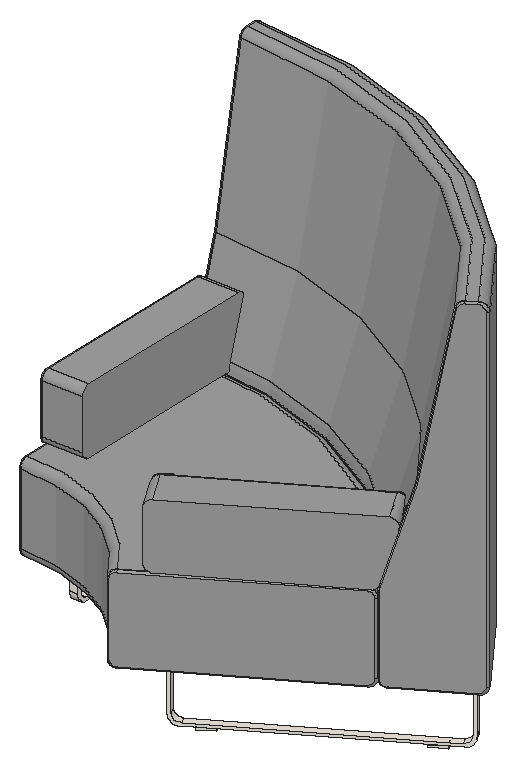
Revit family "Haworth_Riverbend_ConcaveCurve60_EU_PRELIMINARY", category Furniture, Revit 2018 (continued)
Definition of nested family "Haworth_Riverbend_ConcaveBench60_Back-PART"
  Automatic sketch dimensions
    Revolve 4 sketch curve to plane 3 "Top - Bottom of Chamfer Edge" = 0.2708 cm
    Revolve 4 sketch curve to Revolve 4 sketch curve = 27.1214 cm
    Revolve 4 sketch curve to Revolve 4 sketch curve = 48.7212 cm
    Revolve 4 sketch curve to Revolve 4 sketch curve = 2.6102 cm
    plane 2 "Top" to Revolve 4 sketch curve = 42.545 cm
    Revolve 4 sketch curve to Revolve 4 sketch curve = 8.89 cm
    Blend 5 sketch curve to plane 20 = 0 cm
    Blend 5 sketch curve to plane 4 "Frame Bottom" = 0 cm
    plane 5 "Bottom - Top of Chamfer Edge" to Blend 5 sketch curve = 1.905 cm
    Blend 5 sketch curve to Blend 5 sketch curve = 2.637 cm
    Blend 5 sketch curve to Blend 5 sketch curve = 3.1718 cm  (x2)
    Blend 5 sketch curve to Blend 5 sketch curve = 2.5624 cm
    plane 15 to Blend 5 sketch curve = 0.7313 cm
    Blend 5 sketch curve to plane 20 = 11.715 cm
    Blend 5 sketch curve to plane 20 = 17.9234 cm
    Blend 5 sketch curve to Blend 5 sketch curve = 22.0216 cm
    plane 2 "Top" to Blend 5 sketch curve = 2.8004 cm
    Blend 5 sketch curve to Blend 5 sketch curve = 14.7077 cm
    Blend 5 sketch curve to Blend 5 sketch curve = 2.54 cm
    Blend 5 sketch curve to Blend 5 sketch curve = 27.1214 cm
    Blend 5 sketch curve to Blend 5 sketch curve = 48.7212 cm
    Blend 5 sketch curve to Blend 5 sketch curve = 2.6102 cm
    Blend 5 sketch curve to plane 5 "Bottom - Top of Chamfer Edge" = 0 cm
    Blend 5 sketch curve to plane 20 = 0.635 cm
    Blend 5 sketch curve to plane 20 = 2.54 cm
    Blend 5 sketch curve to Blend 5 sketch curve = 2.002 cm
    Blend 5 sketch curve to Blend 5 sketch curve = 1.9391 cm
    Blend 5 sketch curve to plane 20 = 17.3068 cm
    Blend 5 sketch curve to Blend 5 sketch curve = 22.2037 cm
    Blend 5 sketch curve to plane 2 "Top" = 0.0441 cm
    Blend 5 sketch curve to Blend 5 sketch curve = 1.905 cm
    plane 2 "Top" to Blend 5 sketch curve = 29.7659 cm
    Blend 5 sketch curve to Blend 5 sketch curve = 48.8771 cm
    Blend 5 sketch curve to Blend 5 sketch curve = 1.9752 cm
    Blend 6 sketch curve to plane 20 = 0 cm
    Blend 6 sketch curve to plane 4 "Frame Bottom" = 0 cm
    Blend 6 sketch curve to plane 20 = 2.54 cm
    Blend 6 sketch curve to Blend 6 sketch curve = 5 cm
    plane 15 to Blend 6 sketch curve = 0.7313 cm
    Blend 6 sketch curve to plane 20 = 11.715 cm
    Blend 6 sketch curve to Blend 6 sketch curve = 8.2792 cm  (x2)
    Blend 6 sketch curve to Blend 6 sketch curve = 4.7718 cm
    Blend 6 sketch curve to Blend 6 sketch curve = 22.0216 cm
    plane 2 "Top" to Blend 6 sketch curve = 2.8004 cm
    Blend 6 sketch curve to Blend 6 sketch curve = 14.7077 cm
    Blend 6 sketch curve to plane 3 "Top - Bottom of Chamfer Edge" = 0.2708 cm
    plane 2 "Top" to Blend 6 sketch curve = 28.0194 cm  (x2)
    Blend 6 sketch curve to Blend 6 sketch curve = 0.0006 cm  (x2)
    Blend 6 sketch curve to plane 5 "Bottom - Top of Chamfer Edge" = 0 cm
    Blend 6 sketch curve to plane 20 = 0.635 cm
    Blend 6 sketch curve to Blend 6 sketch curve = 1.905 cm
    Blend 6 sketch curve to plane 20 = 5 cm
    Blend 6 sketch curve to Blend 6 sketch curve = 4.1659 cm
    plane 5 "Bottom - Top of Chamfer Edge" to Blend 6 sketch curve = 1.905 cm
    Blend 6 sketch curve to Blend 6 sketch curve = 22.2037 cm
    Blend 6 sketch curve to plane 2 "Top" = 0.0441 cm
    Masking region 1 sketch curve to plane 20 = 0 cm
    Masking region 1 sketch curve to plane 11 = 0 cm  (x2)
    Masking region 1 sketch curve to plane 23 = 0 cm
    plane 14 to Masking region 1 sketch curve = 0 cm
    Masking region 1 sketch curve to plane 18 "revolve_origin" = 0 cm
    Masking region 1 sketch curve to plane 10 = 0 cm
    Masking region 1 sketch curve to plane 18 "revolve_origin" = 1.5297 cm
    plane 16 to Masking region 1 sketch curve = 1.2713 cm
Definition of nested family "Haworth_Riverbend_ConcaveBench60_Large_Seat-PART"
  Parameters (values of type "Large Seat - PART")
    Width Straight Edge = 93 cm  # constant formula
    Warranty = "http://www.haworth.com/resources/product-info/warranties"
    URL - Product = "http://www.haworth.com/products/seating/sofas/riverbend-pebble"
    Symbolic Line Controller = not(No Back)  # no
    Seat Upholstery Finish [instance] = none
    No Back = yes
    Mid Back = yes
    Model = "Haworth - Riverbend"  # constant formula
    High Back = yes
    Description = "Haworth - Riverbend - Concave Bench - 60 Degree - Large Seat - PART"  # constant formula
    URL = "http://www.haworth.com"
    Size = "Verify Final Dim. w/ Haworth"  # constant formula
    Revision Number = "1"  # constant formula
    Manufacturer = "Haworth"  # constant formula
    Author = "Haworth (Bentzen, Abd Rahman)"  # constant formula
    Assembly Code = "E2020200"
    Actual Width = 148 cm  # constant formula
    Actual Height = 45.72 cm  # constant formula
    Actual Depth = 93 cm  # constant formula
  Reference planes (cm)
    plane 1 "Bottom": z = 0
    plane 2 "Top": z = 45.72
    plane 3 "Top - Bottom of Chamfer Edge": z = 45.085
    plane 4 "Frame Bottom": z = 18.415
    plane 5 "Bottom - Top of Chamfer Edge": z = 19.05
    plane 6 "Leg Bracket - Bottom": z = 17.78
    plane 7 "Leg Bottom - Top of Bottom": z = 1.5875
    plane 8 "Foot - Top of Foot": z = 0.635
    plane 9: through (-4.4745, -4.9082, 121.92) normal (0.5, 0.866, 0)
    plane 10: x = -52.1282
    plane 11: through (6.8034, -53.9021, 121.92) normal (-0.5, 0.866, 0)
    plane 12: through (23.4368, 43.4356, 121.92) normal (0.5, 0.866, 0)
    plane 13: y = 63.5131
    plane 14: through (-52.1483, -87.4815, 121.92) normal (-0.7071, 0.7071, 0)
    plane 15: z = 43.18
    plane 16: y = -29.4869
    plane 17: y = -19.6719
    plane 18 "revolve_origin": x = -51.4932
    plane 19 "revolve_axis": y = -86.8265
    plane 20: through (78.7046, -11.6567, 121.92) normal (0.866, 0.5, 0)
    plane 21: through (6.1144, -53.5667, 121.92) normal (0.866, 0.5, 0)
    plane 22: y = -53.5667
    plane 23: through (-22.6894, -36.9368, 121.92) normal (-0.866, 0.5, 0)
    plane 24: through (78.7046, -11.6567, 121.92) normal (-0.5, 0.866, 0)
    plane 25: through (-18.2336, -29.2192, 121.92) normal (0.5, 0.866, 0)
    plane 26: through (-48.3354, 65.963, 121.92) normal (-0.866, 0.5, 0)
    plane 27: through (79.8364, -8.037, 121.92) normal (-0.866, 0.5, 0)
    plane 28: through (-145.2669, 35.2509, 121.92) normal (0.5, 0.866, 0)
    plane 29: y = 35.7765
  Forms (cm)
    Blend 1, solid, material <- "Seat Upholstery Finish", visible <- "Symbolic Line Controller"
      base sketch origin (-52.1282, -84.3965, 0) x (0, -1, 0) y (0, 0, 1)
        loop
          arc (-118.268, 45.085) -> (-119.615, 44.527) -> (-120.173, 43.18) r 1.905
          line (-120.173, 43.18) -> (-120.173, 20.955)
          arc (-120.173, 20.955) -> (-119.615, 19.608) -> (-118.268, 19.05) r 1.905
          line (-118.268, 19.05) -> (-57.3796, 19.05)
          arc (-57.3796, 19.05) -> (-56.0326, 19.608) -> (-55.4746, 20.955) r 1.905
          line (-55.4746, 20.955) -> (-55.4746, 43.18)
          arc (-55.4746, 43.18) -> (-56.0326, 44.527) -> (-57.3796, 45.085) r 1.905
          line (-57.3796, 45.085) -> (-118.268, 45.085)
      top sketch origin (-52.1282, -84.3965, 0) x (0, -1, 0) y (0, 0, 1)
        loop
          arc (-118.268, 45.72) -> (-120.0641, 44.9761) -> (-120.808, 43.18) r 2.54
          line (-120.808, 43.18) -> (-120.808, 20.955)
          arc (-120.808, 20.955) -> (-120.0641, 19.1589) -> (-118.268, 18.415) r 2.54
          line (-118.268, 18.415) -> (-57.4496, 18.415)
          arc (-57.4496, 18.415) -> (-55.8944, 18.9468) -> (-54.9904, 20.3195) r 2.54
          line (-54.9904, 20.3195) -> (-54.9904, 43.18)
          arc (-54.9904, 43.18) -> (-55.7343, 44.9761) -> (-57.5304, 45.72) r 2.54
          line (-57.5304, 45.72) -> (-118.268, 45.72)
      from 0 to -0.635
    Revolve 2, solid, material <- "Seat Upholstery Finish", visible <- "No Back"
      sketch origin (-51.4932, 0, 0) x (0, -1, 0) y (0, 0, 1)
        loop
          line (-63.5131, 43.18) -> (-63.5131, 20.955)
          arc (-63.5131, 20.955) -> (-62.7691, 19.1589) -> (-60.9731, 18.415) r 2.54
          line (-60.9731, 18.415) -> (26.9469, 18.415)
          arc (26.9469, 18.415) -> (28.743, 19.1589) -> (29.4869, 20.955) r 2.54
          line (29.4869, 20.955) -> (29.4869, 43.18)
          arc (29.4869, 43.18) -> (28.743, 44.9761) -> (26.9469, 45.72) r 2.54
          line (26.9469, 45.72) -> (-60.9731, 45.72)
          arc (-60.9731, 45.72) -> (-62.7691, 44.9761) -> (-63.5131, 43.18) r 2.54
        axis (86.8265, 45.72) -> (86.8265, 18.415)
      angle from 0 to 60
    Revolve 3, solid, material <- "Seat Upholstery Finish", visible <- "Symbolic Line Controller"
      sketch origin (-51.4932, 0, 0) x (0, -1, 0) y (0, 0, 1)
        loop
          line (-36.4115, 43.18) -> (-36.4115, 20.955)
          arc (-36.4115, 20.955) -> (-35.6675, 19.1589) -> (-33.8715, 18.415) r 2.54
          line (-33.8715, 18.415) -> (26.9469, 18.415)
          arc (26.9469, 18.415) -> (28.743, 19.1589) -> (29.4869, 20.955) r 2.54
          line (29.4869, 20.955) -> (29.4869, 43.18)
          arc (29.4869, 43.18) -> (28.743, 44.9761) -> (26.9469, 45.72) r 2.54
          line (26.9469, 45.72) -> (-33.8715, 45.72)
          arc (-33.8715, 45.72) -> (-35.6675, 44.9761) -> (-36.4115, 43.18) r 2.54
        axis (86.8265, 45.72) -> (86.8265, 18.415)
      angle from 0 to 60
    Blend 4, solid, material <- "Seat Upholstery Finish", visible <- "No Back"
      base sketch origin (-52.1282, -30.1933, 0) x (0, -1, 0) y (0, 0, 1)
        loop
          arc (-91.1664, 45.085) -> (-92.5134, 44.527) -> (-93.0714, 43.18) r 1.905
          line (-93.0714, 43.18) -> (-93.0714, 20.955)
          arc (-93.0714, 20.955) -> (-92.5134, 19.608) -> (-91.1664, 19.05) r 1.905
          line (-91.1664, 19.05) -> (-3.1764, 19.05)
          arc (-3.1764, 19.05) -> (-1.8294, 19.608) -> (-1.2714, 20.955) r 1.905
          line (-1.2714, 20.955) -> (-1.2714, 43.18)
          arc (-1.2714, 43.18) -> (-1.8294, 44.527) -> (-3.1764, 45.085) r 1.905
          line (-3.1764, 45.085) -> (-91.1664, 45.085)
      top sketch origin (-52.1282, -30.1933, 0) x (0, -1, 0) y (0, 0, 1)
        loop
          arc (-91.1664, 45.72) -> (-92.9625, 44.9761) -> (-93.7064, 43.18) r 2.54
          line (-93.7064, 43.18) -> (-93.7064, 20.955)
          arc (-93.7064, 20.955) -> (-92.9625, 19.1589) -> (-91.1664, 18.415) r 2.54
          line (-91.1664, 18.415) -> (-3.3272, 18.415)
          arc (-3.3272, 18.415) -> (-1.5311, 19.1589) -> (-0.7872, 20.955) r 2.54
          line (-0.7872, 20.955) -> (-0.7872, 43.18)
          arc (-0.7872, 43.18) -> (-1.5311, 44.9761) -> (-3.3272, 45.72) r 2.54
          line (-3.3272, 45.72) -> (-91.1664, 45.72)
      from 0 to -0.635
    Blend 5, solid, material <- "Seat Upholstery Finish", visible <- "Symbolic Line Controller"
      base sketch origin (-49.0713, -86.1614, 0) x (-0.866025, -0.5, 0) y (0, 0, -1)
        loop
          line (-118.268, -45.085) -> (-57.3796, -45.085)
          arc (-57.3796, -45.085) -> (-56.0326, -44.527) -> (-55.4746, -43.18) r 1.905
          line (-55.4746, -43.18) -> (-55.4746, -20.955)
          arc (-55.4746, -20.955) -> (-56.0326, -19.608) -> (-57.3796, -19.05) r 1.905
          line (-57.3796, -19.05) -> (-118.268, -19.05)
          arc (-118.268, -19.05) -> (-119.615, -19.608) -> (-120.173, -20.955) r 1.905
          line (-120.173, -20.955) -> (-120.173, -43.18)
          arc (-120.173, -43.18) -> (-119.615, -44.527) -> (-118.268, -45.085) r 1.905
      top sketch origin (-49.0713, -86.1614, 0) x (-0.866025, -0.5, 0) y (0, 0, -1)
        loop
          line (-118.268, -45.72) -> (-57.5304, -45.72)
          arc (-57.5304, -45.72) -> (-55.7343, -44.9761) -> (-54.9904, -43.18) r 2.54
          line (-54.9904, -43.18) -> (-54.9904, -20.3195)
          arc (-54.9904, -20.3195) -> (-55.8944, -18.9468) -> (-57.4496, -18.415) r 2.54
          line (-57.4496, -18.415) -> (-118.268, -18.415)
          arc (-118.268, -18.415) -> (-120.0641, -19.1589) -> (-120.808, -20.955) r 2.54
          line (-120.808, -20.955) -> (-120.808, -43.18)
          arc (-120.808, -43.18) -> (-120.0641, -44.9761) -> (-118.268, -45.72) r 2.54
      from 0 to -0.635
    Blend 6, solid, material <- "Seat Upholstery Finish", visible <- "No Back"
      base sketch origin (-2.13, -59.0598, 0) x (-0.866025, -0.5, 0) y (0, 0, -1)
        loop
          line (-91.1664, -45.085) -> (-3.1764, -45.085)
          arc (-3.1764, -45.085) -> (-1.8294, -44.527) -> (-1.2714, -43.18) r 1.905
          line (-1.2714, -43.18) -> (-1.2714, -20.955)
          arc (-1.2714, -20.955) -> (-1.8294, -19.608) -> (-3.1764, -19.05) r 1.905
          line (-3.1764, -19.05) -> (-91.1664, -19.05)
          arc (-91.1664, -19.05) -> (-92.5134, -19.608) -> (-93.0714, -20.955) r 1.905
          line (-93.0714, -20.955) -> (-93.0714, -43.18)
          arc (-93.0714, -43.18) -> (-92.5134, -44.527) -> (-91.1664, -45.085) r 1.905
      top sketch origin (-2.13, -59.0598, 0) x (-0.866025, -0.5, 0) y (0, 0, -1)
        loop
          line (-91.1664, -45.72) -> (-3.3272, -45.72)
          arc (-3.3272, -45.72) -> (-1.5311, -44.9761) -> (-0.7872, -43.18) r 2.54
          line (-0.7872, -43.18) -> (-0.7872, -20.955)
          arc (-0.7872, -20.955) -> (-1.5311, -19.1589) -> (-3.3272, -18.415) r 2.54
          line (-3.3272, -18.415) -> (-91.1664, -18.415)
          arc (-91.1664, -18.415) -> (-92.9625, -19.1589) -> (-93.7064, -20.955) r 2.54
          line (-93.7064, -20.955) -> (-93.7064, -43.18)
          arc (-93.7064, -43.18) -> (-92.9625, -44.9761) -> (-91.1664, -45.72) r 2.54
      from 0 to -0.635
  Lines and regions (cm)
    Masking region 1
      outline origin (0, 0, 45.72) x (-1, 0, 0) y (0, -1, 0)
        loop
          line (52.1282, -63.5131) -> (52.1282, 20.3069)
          arc (52.1282, 20.3069) -> (18.2336, 29.2192) -> (-6.4319, 54.1166) r 66.5439
          line (-6.4319, 54.1166) -> (-79.0221, 12.2066)
          arc (-79.0221, 12.2066) -> (-23.6444, -43.3158) -> (52.1282, -63.5131) r 150.7586
    symbolic lines, visible <- "Symbolic Line Controller", detail levels medium+fine
      curve 1: arc (39.3337, -34.3875, 45.72) -> (0.9458, 4.0005, 45.72) -> (-51.4932, 18.0515, 45.72) r 104.8779
  Dimensions and locks (cm)
    locked: plane 2 "Top" to plane 3 "Top - Bottom of Chamfer Edge" at 0.635
    locked: plane 5 "Bottom - Top of Chamfer Edge" to plane 4 "Frame Bottom" at 0.635
    plane 2 "Top" to plane 4 "Frame Bottom" = 27.305 cm
    "Actual Height": plane 2 "Top" to plane 1 "Bottom"
    plane 2 "Top" to plane 1 "Bottom" = 45.72 cm
    "Actual Width": plane 26 to plane 27
    plane 12 to plane 28 = 91.44 cm
    "Actual Depth": plane 16 to plane 13
  Automatic sketch dimensions
    curve 1 to plane 24 = 0 cm
    curve 1 to plane 18 "revolve_origin" = 0 cm
    plane 14 to curve 1 = 0 cm
    plane 16 to curve 1 = 4.9006 cm
    Blend 1 sketch curve to plane 15 = 0 cm  (x2)
    Blend 1 sketch curve to plane 29 = 0 cm
    Blend 1 sketch curve to plane 3 "Top - Bottom of Chamfer Edge" = 0 cm
    Blend 1 sketch curve to plane 5 "Bottom - Top of Chamfer Edge" = 0 cm
    plane 15 to Blend 1 sketch curve = 0 cm  (x2)
    plane 29 to Blend 1 sketch curve = 1.905 cm  (x2)
    Blend 1 sketch curve to plane 16 = 2.47 cm  (x2)
    Blend 1 sketch curve to plane 4 "Frame Bottom" = 0 cm
    Blend 1 sketch curve to plane 2 "Top" = 0 cm
    Blend 1 sketch curve to plane 29 = 0.635 cm
    Blend 1 sketch curve to plane 16 = 2.6208 cm
    plane 5 "Bottom - Top of Chamfer Edge" to Blend 1 sketch curve = 1.905 cm
    Blend 1 sketch curve to Blend 1 sketch curve = 2.4592 cm
    Revolve 2 sketch curve to plane 13 = 0 cm
    Revolve 2 sketch curve to plane 4 "Frame Bottom" = 0 cm
    Revolve 2 sketch curve to plane 2 "Top" = 0 cm  (x2)
    Revolve 2 sketch curve to plane 15 = 0 cm
    plane 15 to Revolve 2 sketch curve = 0 cm
    Revolve 2 sketch curve to plane 16 = 0 cm
    Revolve 2 sketch curve to plane 19 "revolve_axis" = 0 cm
    plane 5 "Bottom - Top of Chamfer Edge" to Revolve 2 sketch curve = 1.905 cm  (x2)
    plane 5 "Bottom - Top of Chamfer Edge" to Revolve 2 sketch curve = 6.35 cm
    Revolve 3 sketch curve to plane 15 = 0 cm
    Revolve 3 sketch curve to plane 4 "Frame Bottom" = 0 cm
    Revolve 3 sketch curve to plane 2 "Top" = 0 cm  (x2)
    plane 15 to Revolve 3 sketch curve = 0 cm
    Revolve 3 sketch curve to plane 16 = 0 cm
    Revolve 3 sketch curve to plane 19 "revolve_axis" = 0 cm
    plane 5 "Bottom - Top of Chamfer Edge" to Revolve 3 sketch curve = 1.905 cm
    plane 29 to Revolve 3 sketch curve = 1.905 cm  (x2)
    plane 5 "Bottom - Top of Chamfer Edge" to Revolve 3 sketch curve = 6.35 cm
    Masking region 1 sketch curve to plane 11 = 0 cm  (x2)
    Masking region 1 sketch curve to plane 20 = 0 cm
    Masking region 1 sketch curve to plane 21 = 0 cm
    Masking region 1 sketch curve to plane 23 = 0 cm  (x2)
    Masking region 1 sketch curve to plane 10 = 0 cm
    plane 18 "revolve_origin" to Masking region 1 sketch curve = 0.0124 cm
    plane 18 "revolve_origin" to Masking region 1 sketch curve = 0.2417 cm
    Blend 4 sketch curve to plane 15 = 0 cm  (x2)
    Blend 4 sketch curve to plane 3 "Top - Bottom of Chamfer Edge" = 0 cm
    Blend 4 sketch curve to plane 5 "Bottom - Top of Chamfer Edge" = 0 cm
    plane 15 to Blend 4 sketch curve = 0 cm  (x2)
    plane 13 to Blend 4 sketch curve = 0.635 cm
    plane 13 to Blend 4 sketch curve = 2.54 cm  (x2)
    Blend 4 sketch curve to plane 16 = 2.47 cm  (x2)
    Blend 4 sketch curve to plane 13 = 0 cm
    Blend 4 sketch curve to plane 4 "Frame Bottom" = 0 cm
    Blend 4 sketch curve to plane 2 "Top" = 0 cm
    Blend 4 sketch curve to plane 16 = 2.6208 cm  (x2)
    Blend 5 sketch curve to plane 15 = 0 cm  (x4)
    Blend 5 sketch curve to plane 3 "Top - Bottom of Chamfer Edge" = 0 cm
    Blend 5 sketch curve to plane 5 "Bottom - Top of Chamfer Edge" = 0 cm
    plane 5 "Bottom - Top of Chamfer Edge" to Blend 5 sketch curve = 1.905 cm  (x4)
    Blend 5 sketch curve to plane 20 = 27.7366 cm
    Blend 5 sketch curve to plane 21 = 6.71 cm
    Blend 5 sketch curve to plane 4 "Frame Bottom" = 0 cm
    Blend 5 sketch curve to plane 2 "Top" = 0 cm
    Blend 5 sketch curve to plane 20 = 27.1016 cm
    Blend 5 sketch curve to plane 21 = 6.5592 cm
    Blend 5 sketch curve to Blend 5 sketch curve = 2.4592 cm
    Blend 6 sketch curve to plane 15 = 0 cm  (x4)
    Blend 6 sketch curve to plane 3 "Top - Bottom of Chamfer Edge" = 0 cm
    Blend 6 sketch curve to plane 5 "Bottom - Top of Chamfer Edge" = 0 cm
    Blend 6 sketch curve to plane 20 = 0.635 cm
    Blend 6 sketch curve to plane 20 = 2.54 cm  (x2)
    plane 5 "Bottom - Top of Chamfer Edge" to Blend 6 sketch curve = 1.905 cm
    Blend 6 sketch curve to plane 21 = 6.71 cm
    Blend 6 sketch curve to plane 20 = 0 cm
    Blend 6 sketch curve to plane 4 "Frame Bottom" = 0 cm
    Blend 6 sketch curve to plane 2 "Top" = 0 cm
    Blend 6 sketch curve to plane 21 = 6.5592 cm
    Blend 6 sketch curve to Blend 6 sketch curve = 2.54 cm
Definition of nested family "Haworth_Riverbend_Arm-PART"
  Parameters (values of type "Arm - PART")
    Warranty = "http://www.haworth.com/resources/product-info/warranties"
    URL - Product = "http://www.haworth.com/products/seating/sofas/riverbend-pebble"
    Model = "Haworth - Riverbend"  # constant formula
    Description = "Haworth - Riverbend - Arm - PART"  # constant formula
    URL = "http://www.haworth.com"
    Size = "Verify Final Dim. w/ Haworth"  # constant formula
    Revision Number = "1"  # constant formula
    Manufacturer = "Haworth"  # constant formula
    Author = "Haworth (Abd Rahman)"  # constant formula
    Assembly Code = "E2020200"
    Arm Finish [instance] = none
    Actual Width = 13 cm
    Actual Height = 45.72 cm
    Actual Depth = 62.5 cm
    85D [instance] = yes
    79D [instance] = yes
  Reference planes (cm)
    plane 1 "Bottom": z = 0
    plane 2 "Center L/R": x = -49.53
    plane 3 "Left": x = -56.03
    plane 4 "Right": x = -43.03
    plane 5 "Top": z = 45.72
    plane 6 "Top - Bottom of Chamfer Edge": z = 45.085
    plane 7 "Frame Bottom": z = 18.415
    plane 8 "Bottom - Top of Chamfer Edge": z = 19.05
    plane 9 "Leg Bracket - Bottom": z = 17.78
    plane 10: y = 35.8515
    plane 11: y = -26.6485
    plane 12: y = 4.6015
  Forms (cm)
    Extrusion 1, solid, material <- "Arm Finish", visible <- "85D"
      sketch origin (-56.03, 0, 0) x (0, 1, 0) y (0, 0, -1)
        loop
          line (-24.1485, -65.9871) -> (33.3515, -65.9871)
          arc (33.3515, -65.9871) -> (35.3659, -64.9678) -> (35.7376, -62.7411) r 2.5
          line (35.7376, -62.7411) -> (30.855, -47.1232)
          arc (30.855, -47.1232) -> (30.1306, -46.1085) -> (28.9461, -45.72) r 2
          line (28.9461, -45.72) -> (-24.1485, -45.72)
          arc (-24.1485, -45.72) -> (-25.9162, -46.4522) -> (-26.6485, -48.22) r 2.5
          line (-26.6485, -48.22) -> (-26.6485, -63.4871)
          arc (-26.6485, -63.4871) -> (-25.9162, -65.2549) -> (-24.1485, -65.9871) r 2.5
      from -0.1761 to 0
    Extrusion 2, solid, material <- "Arm Finish", visible <- "85D"
      sketch origin (-43.03, 0, 0) x (0, 1, 0) y (0, 0, 1)
        loop
          arc (-24.1485, 65.9871) -> (-25.9162, 65.2549) -> (-26.6485, 63.4871) r 2.5
          line (-26.6485, 63.4871) -> (-26.6485, 48.22)
          arc (-26.6485, 48.22) -> (-25.9162, 46.4522) -> (-24.1485, 45.72) r 2.5
          line (-24.1485, 45.72) -> (28.9461, 45.72)
          arc (28.9461, 45.72) -> (30.1306, 46.1085) -> (30.855, 47.1232) r 2
          line (30.855, 47.1232) -> (35.7376, 62.7411)
          arc (35.7376, 62.7411) -> (35.3659, 64.9678) -> (33.3515, 65.9871) r 2.5
          line (33.3515, 65.9871) -> (-24.1485, 65.9871)
      from -12.8239 to -0.1664
    Extrusion 3, solid, material <- "Arm Finish", visible <- "79D"
      sketch origin (-43.03, 0, 0) x (0, 1, 0) y (0, 0, 1)
        loop
          arc (-24.1485, 65.9871) -> (-25.9162, 65.2549) -> (-26.6485, 63.4871) r 2.5
          line (-26.6485, 63.4871) -> (-26.6485, 48.22)
          arc (-26.6485, 48.22) -> (-25.9162, 46.4522) -> (-24.1485, 45.72) r 2.5
          line (-24.1485, 45.72) -> (23.9461, 45.72)
          arc (23.9461, 45.72) -> (25.1306, 46.1085) -> (25.855, 47.1232) r 2
          line (25.855, 47.1232) -> (30.7376, 62.7411)
          arc (30.7376, 62.7411) -> (30.3659, 64.9678) -> (28.3515, 65.9871) r 2.5
          line (28.3515, 65.9871) -> (-24.1485, 65.9871)
      from -0.1664 to 0
    Extrusion 4, solid, material <- "Arm Finish", visible <- "79D"
      sketch origin (-56.03, 0, 0) x (0, 1, 0) y (0, 0, -1)
        loop
          line (-24.1485, -65.9871) -> (28.3515, -65.9871)
          arc (28.3515, -65.9871) -> (30.3659, -64.9678) -> (30.7376, -62.7411) r 2.5
          line (30.7376, -62.7411) -> (25.855, -47.1232)
          arc (25.855, -47.1232) -> (25.1306, -46.1085) -> (23.9461, -45.72) r 2
          line (23.9461, -45.72) -> (-24.1485, -45.72)
          arc (-24.1485, -45.72) -> (-25.9162, -46.4522) -> (-26.6485, -48.22) r 2.5
          line (-26.6485, -48.22) -> (-26.6485, -63.4871)
          arc (-26.6485, -63.4871) -> (-25.9162, -65.2549) -> (-24.1485, -65.9871) r 2.5
      from -0.1761 to 0
    Extrusion 5, solid, material <- "Arm Finish", visible <- "79D"
      sketch origin (-43.03, 0, 0) x (0, 1, 0) y (0, 0, 1)
        loop
          arc (-24.1485, 65.9871) -> (-25.9162, 65.2549) -> (-26.6485, 63.4871) r 2.5
          line (-26.6485, 63.4871) -> (-26.6485, 48.22)
          arc (-26.6485, 48.22) -> (-25.9162, 46.4522) -> (-24.1485, 45.72) r 2.5
          line (-24.1485, 45.72) -> (23.9461, 45.72)
          arc (23.9461, 45.72) -> (25.1306, 46.1085) -> (25.855, 47.1232) r 2
          line (25.855, 47.1232) -> (30.7376, 62.7411)
          arc (30.7376, 62.7411) -> (30.3659, 64.9678) -> (28.3515, 65.9871) r 2.5
          line (28.3515, 65.9871) -> (-24.1485, 65.9871)
      from -12.8239 to -0.1664
    Extrusion 6, solid, material <- "Arm Finish", visible <- "79D"
      sketch origin (-43.03, 0, 0) x (0, 1, 0) y (0, 0, 1)
        loop
          arc (-24.1485, 65.9871) -> (-25.9162, 65.2549) -> (-26.6485, 63.4871) r 2.5
          line (-26.6485, 63.4871) -> (-26.6485, 48.22)
          arc (-26.6485, 48.22) -> (-25.9162, 46.4522) -> (-24.1485, 45.72) r 2.5
          line (-24.1485, 45.72) -> (23.9461, 45.72)
          arc (23.9461, 45.72) -> (25.1306, 46.1085) -> (25.855, 47.1232) r 2
          line (25.855, 47.1232) -> (30.7376, 62.7411)
          arc (30.7376, 62.7411) -> (30.3659, 64.9678) -> (28.3515, 65.9871) r 2.5
          line (28.3515, 65.9871) -> (-24.1485, 65.9871)
      from -0.1664 to 0
  Lines and regions (cm)
    Masking region 1, visible <- "85D"
      outline origin (0, 0, 45.72) x (-1, 0, 0) y (0, -1, 0)
        loop
          line (56.03, -35.8515) -> (56.03, 26.6485) -> (43.03, 26.6485) -> (43.03, -35.8515) -> (56.03, -35.8515)
    Masking region 2, visible <- "79D"
      outline origin (0, 0, 45.72) x (-1, 0, 0) y (0, -1, 0)
        loop
          line (56.03, -33.2376) -> (56.03, 26.6485) -> (43.03, 26.6485) -> (43.03, -33.2376) -> (56.03, -33.2376)
  Dimensions and locks (cm)
    "Actual Width": plane 3 "Left" to plane 4 "Right"
    equal spacing: plane 3 "Left", plane 2 "Center L/R", plane 4 "Right"
    locked: plane 5 "Top" to plane 6 "Top - Bottom of Chamfer Edge" at 0.635
    locked: plane 8 "Bottom - Top of Chamfer Edge" to plane 7 "Frame Bottom" at 0.635
    plane 5 "Top" to plane 7 "Frame Bottom" = 27.305 cm
    "Actual Height": plane 5 "Top" to plane 1 "Bottom"
    plane 5 "Top" to plane 1 "Bottom" = 45.72 cm
    equal spacing: plane 11, plane 12, plane 10
    "Actual Depth": plane 11 to plane 10
    aligned and locked: Extrusion 1 to Extrusion 2
    aligned and locked: plane 3 "Left" to Extrusion 1
    aligned and locked: plane 4 "Right" to Extrusion 3
    aligned and locked: Extrusion 2 to Extrusion 3
    aligned and locked: plane 11 to Extrusion 3
    aligned and locked: plane 11 to Extrusion 2
    aligned and locked: plane 11 to Extrusion 1
    aligned and locked: Extrusion 3 to plane 5 "Top"
    aligned and locked: Extrusion 2 to plane 5 "Top"
    aligned and locked: Extrusion 1 to plane 5 "Top"
    aligned and locked: Masking region 1 sketch curve to plane 4 "Right"
    aligned and locked: Masking region 1 sketch curve to plane 3 "Left"
    aligned and locked: plane 10 to Masking region 1 sketch curve
    aligned and locked: Masking region 1 sketch curve to plane 11
    aligned and locked: Extrusion 4 to Extrusion 5
    aligned and locked: Extrusion 5 to Extrusion 6
  Automatic sketch dimensions
    Extrusion 1 sketch curve to plane 11 = 0 cm
    Extrusion 1 sketch curve to plane 5 "Top" = 0 cm
    Extrusion 1 sketch curve to Extrusion 1 sketch curve = 2.5 cm
    Extrusion 1 sketch curve to plane 11 = 2.5 cm
    plane 10 to Extrusion 1 sketch curve = 6.9055 cm
    plane 5 "Top" to Extrusion 1 sketch curve = 1.4032 cm
    Extrusion 1 sketch curve to Extrusion 1 sketch curve = 1.9089 cm
    plane 10 to Extrusion 1 sketch curve = 2.5 cm
    plane 10 to Extrusion 1 sketch curve = 0.1139 cm
    Extrusion 1 sketch curve to Extrusion 1 sketch curve = 15.6179 cm
    Extrusion 1 sketch curve to Extrusion 1 sketch curve = 0.746 cm
    Extrusion 2 sketch curve to plane 11 = 0 cm
    Extrusion 2 sketch curve to plane 5 "Top" = 0 cm
    plane 5 "Top" to Extrusion 2 sketch curve = 2.5 cm
    Extrusion 2 sketch curve to plane 11 = 2.5 cm
    plane 10 to Extrusion 2 sketch curve = 6.9055 cm
    plane 5 "Top" to Extrusion 2 sketch curve = 1.4032 cm
    Extrusion 2 sketch curve to Extrusion 2 sketch curve = 1.9089 cm
    plane 10 to Extrusion 2 sketch curve = 2.5 cm
    plane 10 to Extrusion 2 sketch curve = 0.1139 cm
    Extrusion 2 sketch curve to Extrusion 2 sketch curve = 15.6179 cm
    Extrusion 2 sketch curve to Extrusion 2 sketch curve = 15.2671 cm
    Extrusion 3 sketch curve to plane 11 = 0 cm
    Extrusion 3 sketch curve to plane 5 "Top" = 0 cm
    plane 5 "Top" to Extrusion 3 sketch curve = 2.5 cm
    Extrusion 3 sketch curve to plane 11 = 2.5 cm
    plane 10 to Extrusion 3 sketch curve = 11.9055 cm
    plane 5 "Top" to Extrusion 3 sketch curve = 1.4032 cm
    Extrusion 3 sketch curve to Extrusion 3 sketch curve = 1.9089 cm
    plane 10 to Extrusion 3 sketch curve = 7.5 cm
    plane 10 to Extrusion 3 sketch curve = 5.1139 cm
    Extrusion 3 sketch curve to Extrusion 3 sketch curve = 15.6179 cm
    Extrusion 3 sketch curve to Extrusion 3 sketch curve = 15.2671 cm
    Extrusion 4 sketch curve to plane 11 = 0 cm
    Extrusion 4 sketch curve to plane 5 "Top" = 0 cm
    Extrusion 4 sketch curve to Extrusion 4 sketch curve = 2.5 cm
    Extrusion 4 sketch curve to plane 11 = 2.5 cm
    plane 10 to Extrusion 4 sketch curve = 11.9055 cm
    plane 5 "Top" to Extrusion 4 sketch curve = 1.4032 cm
    Extrusion 4 sketch curve to Extrusion 4 sketch curve = 1.9089 cm
    plane 10 to Extrusion 4 sketch curve = 7.5 cm
    plane 10 to Extrusion 4 sketch curve = 5.1139 cm
    Extrusion 4 sketch curve to Extrusion 4 sketch curve = 15.6179 cm
    Extrusion 4 sketch curve to Extrusion 4 sketch curve = 0.746 cm
    Extrusion 5 sketch curve to plane 11 = 0 cm
    Extrusion 5 sketch curve to plane 5 "Top" = 0 cm
    plane 5 "Top" to Extrusion 5 sketch curve = 2.5 cm
    Extrusion 5 sketch curve to plane 11 = 2.5 cm
    plane 10 to Extrusion 5 sketch curve = 11.9055 cm
    plane 5 "Top" to Extrusion 5 sketch curve = 1.4032 cm
    Extrusion 5 sketch curve to Extrusion 5 sketch curve = 1.9089 cm
    plane 10 to Extrusion 5 sketch curve = 7.5 cm
    plane 10 to Extrusion 5 sketch curve = 5.1139 cm
    Extrusion 5 sketch curve to Extrusion 5 sketch curve = 15.6179 cm
    Extrusion 5 sketch curve to Extrusion 5 sketch curve = 15.2671 cm
    Extrusion 6 sketch curve to plane 11 = 0 cm
    Extrusion 6 sketch curve to plane 5 "Top" = 0 cm
    plane 5 "Top" to Extrusion 6 sketch curve = 2.5 cm
    Extrusion 6 sketch curve to plane 11 = 2.5 cm
    plane 10 to Extrusion 6 sketch curve = 11.9055 cm
    plane 5 "Top" to Extrusion 6 sketch curve = 1.4032 cm
    Extrusion 6 sketch curve to Extrusion 6 sketch curve = 1.9089 cm
    plane 10 to Extrusion 6 sketch curve = 7.5 cm
    plane 10 to Extrusion 6 sketch curve = 5.1139 cm
    Extrusion 6 sketch curve to Extrusion 6 sketch curve = 15.6179 cm
    Extrusion 6 sketch curve to Extrusion 6 sketch curve = 15.2671 cm
    Masking region 2 sketch curve to plane 4 "Right" = 0 cm
    Masking region 2 sketch curve to plane 3 "Left" = 0 cm
    plane 11 to Masking region 2 sketch curve = 0 cm
    plane 10 to Masking region 2 sketch curve = 2.6139 cm
Types (6, lengths in cm): name | Without Arms | With Arms | Width Straight Edge | Two Arms | Symbolic Line Controller | Small | Right Arm | No Back | Mid Back | Left Arm | Large | High Back | Actual Depth
  126 x 93 x 148 - High Back | no | yes | 93 | yes | yes | no | yes | no | no | yes | yes | yes | 93
  78 x 93 x 148 - Mid Back | no | yes | 93 | yes | yes | no | yes | no | yes | yes | yes | no | 93
  45 x 93 x 148 - No Back | yes | no | 93 | no | no | no | no | yes | no | no | yes | no | 93
  126 x 87 x 148 - High Back | no | yes | 87 | yes | yes | yes | yes | no | no | yes | no | yes | 87
  45 x 87 x 148 - No Back | yes | no | 87 | no | no | yes | no | yes | no | no | no | no | 87
  78 x 87 x 148 - Mid Back | no | yes | 87 | yes | yes | yes | yes | no | yes | yes | no | no | 87
